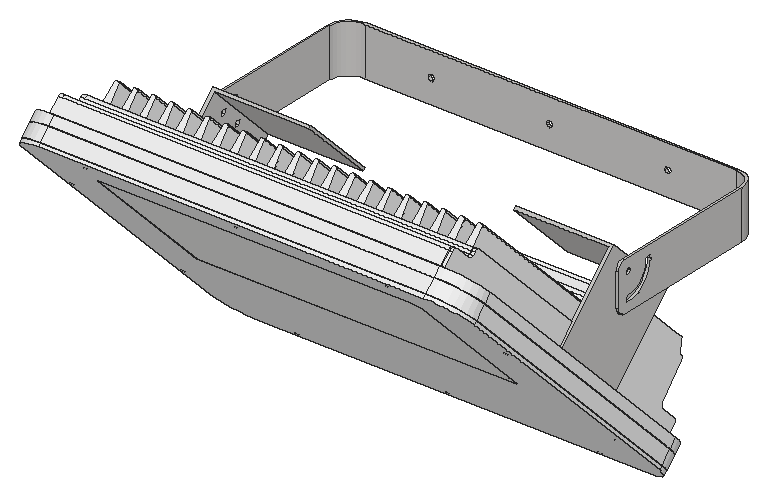
Revit family "FT ATEX LED MAX_2021", category Luminarias, Revit 2021 (continued)
Types (12, lengths in mm): name | Wattage | Power | Position | Archivo de red fotométrica | built-in parameter 1150142 | Modules | Lumens | built-in parameter 1150105 | built-in parameter 1150106 | Equiv MH
    433\t2333.1672\t2329.8911\t2327.3272\t2329.1789\t2334.8765\t2357.382\t2383.0212\r\n2414.9278\t2419.201\t2419.6283\t2459.5115\t2516.2026\t2587.1377\t2670.6076\t2775.7283\t2919.8776\t3100.349\r\n3275.4078\t3436.365\t3587.0665\t3688.0565\t3691.9024\t3581.3689\t3329.8199\t2844.0995\t2180.4715\t1576.6684\r\n1088.2416\t686.2759\t393.1344\t250.2671\t180.0442\t139.5912\t0\t0\t0\t0\r\n0\t0\t0\t0\t0\t0\t0\t0\t0\t0\r\n0\t0\t0\t0\t0\t0\t0\t0\t0\t0\r\n0\t0\t0\t0\t0\t0\t0\t0\t0\t0\r\n0\t0\t0\t0\t0\t0\t0\t0\t0\t0\r\n0\r\n2342.1409\t2362.9372\t2378.4631\t2390.5705\t2400.2564\t2408.3755\t2415.3551\t2420.9102\t2425.6108\t2426.6078\r\n2426.8927\t2426.4654\t2425.1834\t2428.4596\t2430.881\t2435.1542\t2440.7094\t2449.2558\t2476.0345\t2504.3801\r\n2541.5569\t2565.0595\t2560.0741\t2597.1085\t2659.3548\t2735.2753\t2833.1316\t2952.4963\t3122.1424\t3326.2589\r\n3557.7239\t3781.9244\t3998.8606\t4180.7564\t4247.9881\t4177.053\t3866.9611\t3287.3728\t2670.1802\t1917.9546\r\n1262.4457\t752.2256\t418.4887\t255.8222\t182.7505\t140.161\t0\t0\t0\t0\r\n0\t0\t0\t0\t0\t0\t0\t0\t0\t0\r\n0\t0\t0\t0\t0\t0\t0\t0\t0\t0\r\n0\t0\t0\t0\t0\t0\t0\t0\t0\t0\r\n0\t0\t0\t0\t0\t0\t0\t0\t0\t0\r\n0\r\n2343.8502\t2372.1958\t2396.1257\t2415.3551\t2432.7328\t2447.689\t2464.7818\t2478.3136\t2492.4151\t2501.8162\r\n2510.2201\t2517.4846\t2523.8944\t2533.4378\t2543.2662\t2553.0946\t2562.7805\t2572.324\t2585.5709\t2632.2912\r\n2671.3198\t2705.7902\t2710.2059\t2731.9992\t2786.4113\t2862.9016\t2960.473\t3085.3928\t3253.0447\t3494.0532\r\n3758.5643\t4049.4268\t4353.5362\t4661.0641\t4846.2361\t4855.6372\t4459.3691\t3818.9588\t3195.9263\t2270.2087\r\n1518.9802\t915.7468\t509.223\t290.1503\t184.6022\t139.8761\t0\t0\t0\t0\r\n0\t0\t0\t0\t0\t0\t0\t0\t0\t0\r\n0\t0\t0\t0\t0\t0\t0\t0\t0\t0\r\n0\t0\t0\t0\t0\t0\t0\t0\t0\t0\r\n0\t0\t0\t0\t0\t0\t0\t0\t0\t0\r\n0\r\n2344.7048\t2379.0329\t2411.6516\t2439.1426\t2463.4998\t2489.8512\t2515.2055\t2538.4232\t2560.7863\t2579.1611\r\n2596.9661\t2610.9252\t2625.739\t2639.8405\t2655.7938\t2671.3198\t2685.8486\t2696.959\t2707.9268\t2741.8276\r\n2784.702\t2824.8701\t2854.9249\t2849.9395\t2885.9768\t2952.9236\t3041.9486\t3159.6041\t3320.2764\t3574.2469\r\n3911.26\t4264.796\t4692.8282\t5135.3893\t5491.6318\t5655.4378\t5320.9886\t4570.4723\t3682.074\t2760.6296\r\n1806.1392\t1114.3081\t670.75\t396.9803\t235.8806\t152.6957\t0\t0\t0\t0\r\n0\t0\t0\t0\t0\t0\t0\t0\t0\t0\r\n0\t0\t0\t0\t0\t0\t0\t0\t0\t0\r\n0\t0\t0\t0\t0\t0\t0\t0\t0\t0\r\n0\t0\t0\t0\t0\t0\t0\t0\t0\t0\r\n0\r\n2344.42\t2386.0124\t2424.8986\t2462.2178\t2495.5488\t2531.0164\t2563.7776\t2596.1114\t2627.4482\t2655.3665\r\n2680.4359\t2704.5083\t2726.7289\t2747.0978\t2767.1819\t2786.6962\t2804.5012\t2816.0388\t2834.1287\t2849.6546\r\n2884.6949\t2929.7059\t2964.7462\t2964.034\t2975.9989\t3035.254\t3119.7209\t3235.0973\t3401.7521\t3679.3676\r\n4046.7204\t4492.7\t4993.6615\t5553.1658\t5933.4806\t6042.3048\t5831.9209\t5248.2018\t4148.7074\t2965.1735\r\n2023.2178\t1246.6349\t770.3155\t468.6276\t280.8917\t173.7768\t0\t0\t0\t0\r\n0\t0\t0\t0\t0\t0\t0\t0\t0\t0\r\n0\t0\t0\t0\t0\t0\t0\t0\t0\t0\r\n0\t0\t0\t0\t0\t0\t0\t0\t0\t0\r\n0\t0\t0\t0\t0\t0\t0\t0\t0\t0\r\n0\r\n2343.4229\t2391.2827\t2438.003\t2483.299\t2526.8856\t2570.3298\t2612.492\t2652.8026\t2690.1218\t2728.8655\r\n2762.3389\t2795.9548\t2826.2945\t2852.6459\t2876.7182\t2899.0813\t2918.3107\t2932.1274\t2956.1998\t2957.909\r\n2969.4467\t3016.8792\t3055.0531\t3077.8435\t3089.3812\t3135.959\t3228.2602\t3367.9938\t3570.8284\t3852.8596\r\n4255.2526\t4720.8889\t5202.9059\t5646.8914\t5899.8648\t6031.4794\t6030.4823\t5405.8829\t4248.273\t2879.9944\r\n1951.9978\t1315.4334\t860.7649\t541.1296\t324.7632\t195.5701\t0\t0\t0\t0\r\n0\t0\t0\t0\t0\t0\t0\t0\t0\t0\r\n0\t0\t0\t0\t0\t0\t0\t0\t0\t0\r\n0\t0\t0\t0\t0\t0\t0\t0\t0\t0\r\n0\t0\t0\t0\t0\t0\t0\t0\t0\t0\r\n0\r\n2345.1322\t2399.5442\t2451.6773\t2504.9498\t2557.0829\t2609.9281\t2661.9187\t2709.4937\t2755.3594\t2802.507\r\n2845.9512\t2886.2617\t2922.5839\t2954.7754\t2981.9814\t3006.3386\t3027.1349\t3045.2248\t3065.0239\t3074.5674\r\n3086.105\t3106.9013\t3150.7728\t3187.6648\t3240.7949\t3292.9279\t3410.0136\t3586.3543\t3827.5052\t4165.5154\r\n4556.9405\t4938.5372\t5226.9782\t5407.877\t5709.2801\t5814.1159\t5369.5607\t4762.339\t3646.3216\t2437.006\r\n1635.781\t1145.36\t783.8473\t519.4787\t327.7544\t202.8346\t0\t0\t0\t0\r\n0\t0\t0\t0\t0\t0\t0\t0\t0\t0\r\n0\t0\t0\t0\t0\t0\t0\t0\t0\t0\r\n0\t0\t0\t0\t0\t0\t0\t0\t0\t0\r\n0\t0\t0\t0\t0\t0\t0\t0\t0\t0\r\n0\r\n2341.1438\t2401.8233\t2459.5115\t2520.9031\t2583.1494\t2644.2562\t2703.6536\t2761.3418\t2816.6086\t2869.1689\r\n2918.1683\t2965.7432\t3008.1904\t3046.7916\t3081.4045\t3110.4623\t3131.6858\t3157.0402\t3182.6794\t3193.3624\r\n3205.1849\t3219.2864\t3256.3208\t3319.8491\t3397.3364\t3512.2855\t3653.7284\t3868.3855\t4158.9631\t4489.9937\r\n4787.8357\t5005.0567\t5193.7897\t5421.5513\t5410.7258\t4790.827\t4166.7973\t3520.4046\t2565.6293\t1726.0879\r\n1186.2403\t837.9745\t590.5562\t407.9482\t276.0487\t167.9368\t0\t0\t0\t0\r\n0\t0\t0\t0\t0\t0\t0\t0\t0\t0\r\n0\t0\t0\t0\t0\t0\t0\t0\t0\t0\r\n0\t0\t0\t0\t0\t0\t0\t0\t0\t0\r\n0\t0\t0\t0\t0\t0\t0\t0\t0\t0\r\n0\r\n2337.1555\t2403.3901\t2467.0608\t2536.2866\t2606.2247\t2675.4505\t2744.5339\t2811.3383\t2875.009\t2933.6942\r\n2989.8156\t3042.5184\t3088.669\t3132.5405\t3171.569\t3206.182\t3233.2456\t3264.155\t3291.5035\t3312.7271\r\n3329.8199\t3353.6074\t3399.0457\t3482.0882\t3603.5896\t3758.2794\t3956.6983\t4221.6367\t4516.63\t4777.2952\r\n4950.6446\t5121.1453\t5324.2648\t5290.364\t4570.4723\t3731.5007\t2911.9009\t2100.99\t1465.2803\t1024.9982\r\n727.4411\t514.066\t362.3674\t255.9647\t183.7476\t128.9082\t0\t0\t0\t0\r\n0\t0\t0\t0\t0\t0\t0\t0\t0\t0\r\n0\t0\t0\t0\t0\t0\t0\t0\t0\t0\r\n0\t0\t0\t0\t0\t0\t0\t0\t0\t0\r\n0\t0\t0\t0\t0\t0\t0\t0\t0\t0\r\n0\r\n2332.3126\t2404.3872\t2473.613\t2548.5365\t2625.739\t2703.9385\t2780.7137\t2856.9191\t2927.8542\t2994.3737\r\n3056.1926\t3113.8808\t3166.2988\t3213.1615\t3258.1726\t3295.7767\t3326.8286\t3365.4299\t3392.2086\t3426.1093\r\n3452.4607\t3496.3322\t3570.2586\t3683.9257\t3836.3365\t4030.9096\t4278.8976\t4559.5044\t4817.4632\t4996.9376\r\n5157.7524\t5371.27\t5382.6652\t4635.8522\t3736.2012\t2820.5969\t1973.5062\t1361.584\t948.508\t674.4534\r\n486.1477\t348.978\t253.6856\t186.0266\t140.7307\t106.2602\t0\t0\t0\t0\r\n0\t0\t0\t0\t0\t0\t0\t0\t0\t0\r\n0\t0\t0\t0\t0\t0\t0\t0\t0\t0\r\n0\t0\t0\t0\t0\t0\t0\t0\t0\t0\r\n0\t0\t0\t0\t0\t0\t0\t0\t0\t0\r\n0\r\n2335.5887\t2410.3697\t2484.8658\t2565.6293\t2649.8113\t2735.1329\t2819.3149\t2902.4999\t2980.557\t3052.7741\r\n3121.0028\t3185.3857\t3243.0739\t3296.4889\t3345.6307\t3388.9325\t3424.8274\t3464.4257\t3493.4834\t3531.3725\r\n3572.2528\t3640.7664\t3756.1428\t3907.2716\t4098.2837\t4339.2922\t4624.1722\t4883.6978\t5078.2709\t5236.949\r\n5460.5798\t5588.9183\t4905.9185\t3920.0912\t2951.2144\t2025.2119\t1378.2494\t946.0865\t672.0319\t484.7233\r\n361.7976\t264.2262\t196.2823\t151.9835\t122.356\t99.8504\t0\t0\t0\t0\r\n0\t0\t0\t0\t0\t0\t0\t0\t0\t0\r\n0\t0\t0\t0\t0\t0\t0\t0\t0\t0\r\n0\t0\t0\t0\t0\t0\t0\t0\t0\t0\r\n0\t0\t0\t0\t0\t0\t0\t0\t0\t0\r\n0\r\n2333.1672\t2412.3638\t2491.1332\t2576.0274\t2665.3373\t2756.0716\t2846.6634\t2936.9704\t3022.1495\t3099.0671\r\n3173.1359\t3240.3676\t3305.0353\t3363.863\t3418.1327\t3468.6989\t3516.5587\t3565.9854\t3602.1652\t3642.1908\r\n3686.6321\t3775.942\t3918.5244\t4097.2866\t4321.772\t4605.0852\t4886.4042\t5117.5843\t5285.5211\t5480.9488\r\n5726.088\t5419.9844\t4381.7393\t3403.034\t2322.3418\t1550.8867\t1056.6199\t745.2461\t542.4115\t403.2476\r\n315.9319\t239.4416\t176.0558\t138.4517\t113.5247\t94.5802\t0\t0\t0\t0\r\n0\t0\t0\t0\t0\t0\t0\t0\t0\t0\r\n0\t0\t0\t0\t0\t0\t0\t0\t0\t0\r\n0\t0\t0\t0\t0\t0\t0\t0\t0\t0\r\n0\t0\t0\t0\t0\t0\t0\t0\t0\t0\r\n0\r\n2335.1614\t2416.9219\t2498.6825\t2589.8441\t2682.8574\t2778.4346\t2876.006\t2970.3013\t3059.0414\t3141.2293\r\n3217.7196\t3287.6576\t3354.1771\t3415.8536\t3474.9662\t3532.6544\t3591.3397\t3649.7401\t3701.4458\t3754.0062\r\n3824.514\t3933.3382\t4078.0572\t4280.322\t4534.8623\t4835.2682\t5098.4974\t5306.6022\t5489.4952\t5720.8177\r\n5782.4942\t4991.5249\t4002.8489\t2817.3208\t1841.8916\t1235.0972\t856.4917\t623.3174\t464.6393\t349.9751\r\n279.3248\t220.2122\t166.5124\t131.8994\t109.109\t91.304\t0\t0\t0\t0\r\n0\t0\t0\t0\t0\t0\t0\t0\t0\t0\r\n0\t0\t0\t0\t0\t0\t0\t0\t0\t0\r\n0\t0\t0\t0\t0\t0\t0\t0\t0\t0\r\n0\t0\t0\t0\t0\t0\t0\t0\t0\t0\r\n0\r\n2332.5974\t2417.3492\t2501.6737\t2595.969\t2692.2584\t2792.6786\t2893.811\t2990.8127\t3083.3987\t3169.8598\r\n3247.7744\t3320.8462\t3389.7871\t3453.1729\t3514.1372\t3575.8138\t3638.9147\t3705.1493\t3767.3956\t3833.3453\r\n3925.7888\t4062.9586\t4235.0261\t4452.6744\t4721.1738\t4989.6732\t5237.3764\t5446.051\t5655.8651\t5901.7165\r\n5697.6\t4705.9327\t3737.3407\t2437.006\t1580.6567\t1067.1605\t752.5105\t560.359\t417.2068\t311.9436\r\n248.9851\t196.2823\t151.4137\t122.9257\t101.987\t86.0338\t0\t0\t0\t0\r\n0\t0\t0\t0\t0\t0\t0\t0\t0\t0\r\n0\t0\t0\t0\t0\t0\t0\t0\t0\t0\r\n0\t0\t0\t0\t0\t0\t0\t0\t0\t0\r\n0\t0\t0\t0\t0\t0\t0\t0\t0\t0\r\n0\r\n2334.1643\t2420.198\t2506.3742\t2602.3788\t2701.2322\t2805.0709\t2909.0521\t3010.1845\t3103.91\t3192.2228\r\n3270.4224\t3343.6366\t3411.8653\t3475.6784\t3539.2067\t3602.8774\t3672.1032\t3742.4686\t3808.2758\t3888.7544\r\n3997.5786\t4156.2568\t4358.3791\t4605.0852\t4894.2384\t5166.7261\t5399.1882\t5588.9183\t5816.6798\t6032.4764\r\n5574.3894\t4555.9434\t3376.6826\t2113.952\t1391.6388\t944.2348\t674.4534\t512.2142\t368.065\t280.8917\r\n224.2006\t178.05\t140.4458\t115.8037\t96.7168\t77.2025\t0\t0\t0\t0\r\n0\t0\t0\t0\t0\t0\t0\t0\t0\t0\r\n0\t0\t0\t0\t0\t0\t0\t0\t0\t0\r\n0\t0\t0\t0\t0\t0\t0\t0\t0\t0\r\n0\t0\t0\t0\t0\t0\t0\t0\t0\t0\r\n0\r\n2330.8882\t2418.0614\t2505.9469\t2601.6666\t2702.5141\t2807.7773\t2913.0404\t3014.4577\t3109.8925\t3199.2024\r\n3276.6898\t3349.9039\t3418.56\t3484.7946\t3549.035\t3613.133\t3684.0682\t3757.2823\t3827.7901\t3915.2483\r\n4037.1769\t4208.9596\t4421.0527\t4681.2906\t4981.9814\t5258.0302\t5496.7596\t5711.5591\t5966.3843\t6142.5826\r\n5560.1454\t4540.8448\t3171.2842\t1986.3258\t1319.7066\t892.3866\t643.4015\t488.4268\t344.9897\t267.075\r\n213.0902\t168.5065\t133.8936\t111.1032\t92.3011\t73.7839\t0\t0\t0\t0\r\n0\t0\t0\t0\t0\t0\t0\t0\t0\t0\r\n0\t0\t0\t0\t0\t0\t0\t0\t0\t0\r\n0\t0\t0\t0\t0\t0\t0\t0\t0\t0\r\n0\t0\t0\t0\t0\t0\t0\t0\t0\t0\r\n0" | "4" | 13400 lm | 1066.3 (stored number, unit not read) | 10.663 (stored number, unit not read) | 150 W
